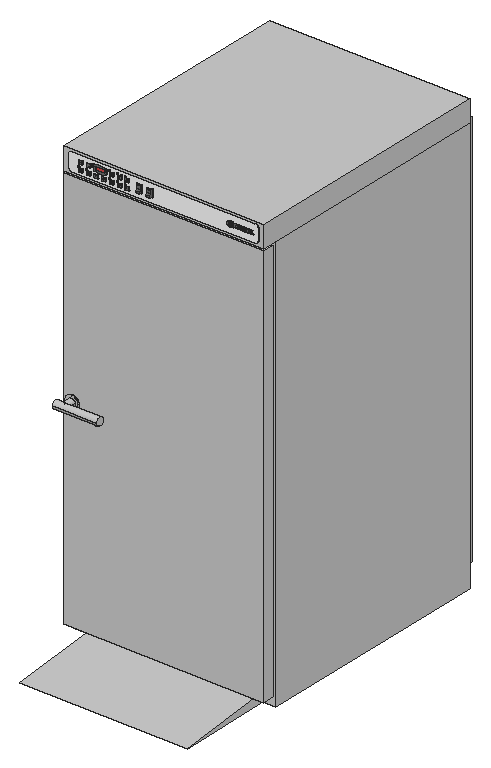
Revit family "QF_GIORIK_GM2021P_GR2021P", category Specialty Equipment, Revit 2014
Parameters (values of type "GR2021P")
  Weight in Pounds = 837.757
  Watts = 22200 W
  Waste Water Discharge Temperature = 0 °C
  Volts = 400 V
  URL Cutsheet = ""
  URL = "www.giorik.com"
  Plumbing Remarks [instance] = ""
  Plumbing Connection Type [instance] = ""
  Indirect Waste Size = 3/4"
  Indirect Waste Flow = 0.0 L/s
  Indirect Waste Connection Type [instance] = ""
  Indirect Waste Connection Height = 46 mm
  Status [instance] = ""
  Specification by User [instance] = ""
  Specification by Manufacturer = ""
  Serial Number = ""
  Seismic Rating = ""
  SMACNA No = ""
  Revision Code [instance] = ""
  Phase = 3
  Number of Poles [instance] = 3
  NAFEM Spec ID Number = ""
  Model = "GR2021P"
  Min Ckt Ampacity = 0 A
  Max Overcurrent Protection = 20 A
  Masterspec = ""
  Manufacturer = "GIORIK"
  Show Logo [instance] = yes
  Show Clearance [instance] = yes
  Item Number [instance] = ""
  Installed By [instance] = ""
  Identify Quantity as Lot [instance] = no
  HP = "0"
  Furnished By [instance] = ""
  Foodservice Equipment Identifier [instance] = yes
  FL Amps = 0 A
  Electrical Remarks [instance] = ""
  Electric Connection Type [instance] = ""
  Elec Conn RI Height [instance] = 0 mm
  Elec Conn Connection Height [instance] = 225 mm
  Description = "HOLDING CABINET-REGENERATOR 20 GN 2/1 - PROGRAMMABLE ELECTRONIC VERSION"
  Cycle = 50 Hz
  Conn Plug = ""
  Conn Conduit [instance] = no
  Cold Water Temperature Recommended = 0 °C
  Cold Water Size = 3/4"
  Cold Water RI Height [instance] = 0 mm
  Cold Water Minimum Pressure [instance] = 150.0 kPa
  Cold Water Maximum Pressure [instance] = 600.0 kPa
  Cold Water Flow [instance] = 0.0 L/s
  Cold Water Consumption [instance] = ""
  Cold Water Connection Height = 145 mm
  CSI MasterFormat = ""
  Assembly Code = "E1090320"
  Apparent Power = 22200 VA
Types (3, lengths in mm): name | Watts | Model | Max Overcurrent Protection | Description | Apparent Power
  (no name) | 22200 W | "GR2021P" | 20 A | "HOLDING CABINET-REGENERATOR 20 GN 2/1 - PROGRAMMABLE ELECTRONIC VERSION" | 22200 VA
  GR2021P | 22200 W | "GR2021P" | 20 A | "HOLDING CABINET-REGENERATOR 20 GN 2/1 - PROGRAMMABLE ELECTRONIC VERSION" | 22200 VA
  GM2021P | 9200 W | "GM2021P" | 16 A | "HOLDING CABINET 20 GN 2/1 - PROGRAMMABLE ELECTRONIC VERSION" | 9200 VA
Reference planes
  plane 1 "Back": y = 0
  plane 2: z = 0
  plane 3 "Left": x = 0
  plane 4 "Right": x = 930
  plane 5 "Front": y = -1270
  plane 6 "Top": z = 2040
  plane 7 "Front oven": y = -1200
Forms (mm)
  Extrusion 1, solid
    sketch origin (0, 0, 0) x (1, 0, 0) y (0, 0, 1)
      loop
        line (0, 0) -> (930, 0) -> (930, 1940) -> (0, 1940) -> (0, 0)
    from 75 to 1200
  Extrusion 2, solid
    sketch origin (0, -1270, 0) x (-1, 0, 0) y (0, 0, 1)
      loop
        line (-930, 1930) -> (-930, 50) -> (0, 50) -> (0, 1930) -> (-930, 1930)
    from 0 to 55
  Extrusion 3, solid, visible <- "Show Clearance", detail levels coarse
    sketch origin (430, -505, 0) x (1, 0, 0) y (0, 1, 0)
      loop
        line (-430, -765) -> (-430, 505) -> (500, 505) -> (500, -765) -> (600, -765) -> (600, 605) -> (-530, 605) -> (-530, -765) -> (-430, -765)
    from 0 to 2040
  Extrusion 4, solid, visible <- "Show Clearance", detail levels coarse
    sketch origin (0, -545, 60) x (0, 1, 0) y (-1, 0, 0)
      loop
        line (-725, -930) -> (-725, 0)
        arc (-725, 0) -> (-1355.977, -249.528) -> (-1619, -875) r 875.202
        line (-1619, -875) -> (-1619, -930) -> (-725, -930)
    from -10 to 1870
  Extrusion 5, solid
    sketch origin (0, -1270, 0) x (-1, 0, 0) y (0, 0, 1)
      loop
        arc (-25, 2015) -> (-29.393, 2025.607) -> (-40, 2030) r 15
        line (-40, 2030) -> (-890, 2030)
        arc (-890, 2030) -> (-900.607, 2025.607) -> (-905, 2015) r 15
        line (-905, 2015) -> (-905, 1965)
        arc (-905, 1965) -> (-900.607, 1954.393) -> (-890, 1950) r 15
        line (-890, 1950) -> (-40, 1950)
        arc (-40, 1950) -> (-29.393, 1954.393) -> (-25, 1965) r 15
        line (-25, 1965) -> (-25, 2015)
    from -0.5 to 2
  Extrusion 6, solid
    sketch origin (930, 163, -54) x (0, -1, 0) y (0, 0, 1)
      loop
        circle (220, 199) r 11
    from 50 to 30
  Extrusion 7, solid, visible <- "Show Logo", detail levels medium+fine
    sketch origin (576.604, -1270, 203.695) x (-1, 0, 0) y (0, 0, 1)
      loop
        line (-214.547, 1793.962) -> (-225.547, 1793.962) -> (-222.754, 1791.618) -> (-222.754, 1781.306) -> (-225.547, 1778.962) -> (-214.547, 1778.962) -> (-217.34, 1781.306) -> (-217.34, 1791.618) -> (-214.547, 1793.962)
      loop
        line (-269.547, 1793.962) -> (-280.547, 1793.962) -> (-277.754, 1791.618) -> (-277.754, 1781.306) -> (-280.547, 1778.962) -> (-269.547, 1778.962) -> (-272.34, 1781.306) -> (-272.34, 1791.618) -> (-269.547, 1793.962)
      loop
        line (-282.547, 1793.962) -> (-293.547, 1793.962) -> (-290.754, 1791.618) -> (-290.754, 1786.706) -> (-297.354, 1792.244) -> (-294.9, 1793.962) -> (-303.294, 1793.962) -> (-299.303, 1792.101) -> (-296.172, 1788.97) -> (-302.777, 1781.098) -> (-305.9, 1779.962) -> (-305.9, 1778.962) -> (-294.9, 1778.962) -> (-296.151, 1780.747) -> (-292.483, 1785.625) -> (-290.754, 1784.818) -> (-290.754, 1781.306) -> (-293.547, 1778.962) -> (-282.547, 1778.962) -> (-285.34, 1781.306) -> (-285.34, 1791.618) -> (-282.547, 1793.962)
      loop
        line (-210.387, 1798.5) -> (-210.387, 1788.865)
        arc (-210.387, 1788.865) -> (-205.719, 1793.282) -> (-199.875, 1795.956) r 19.648
        arc (-199.875, 1795.956) -> (-195.547, 1795.774) -> (-192.114, 1793.131) r 7.168
        arc (-192.114, 1793.131) -> (-190.034, 1786.5) -> (-192.114, 1779.868) r 11.613
        arc (-192.114, 1779.868) -> (-194.434, 1777.581) -> (-197.423, 1776.287) r 8.864
        arc (-197.423, 1776.287) -> (-200.954, 1776.508) -> (-203.801, 1778.608) r 6.26
        line (-203.801, 1778.608) -> (-203.801, 1786.174) -> (-211.26, 1786.174) -> (-211.26, 1778.213) -> (-213.406, 1776.068) -> (-208.753, 1777.314)
        arc (-208.753, 1777.314) -> (-206.873, 1777.533) -> (-205.12, 1776.821) r 3.816
        arc (-205.12, 1776.821) -> (-196.651, 1774.034) -> (-188.183, 1776.821) r 14.26
        arc (-188.183, 1776.821) -> (-183.396, 1786.305) -> (-188.183, 1795.788) r 11.787
        arc (-188.183, 1795.788) -> (-196.838, 1798.637) -> (-205.494, 1795.788) r 14.575
        line (-205.494, 1795.788) -> (-210.387, 1798.5)
      loop
        arc (-227.299, 1791.157) -> (-235.457, 1794.293) -> (-243.615, 1791.157) r 12.178
        arc (-243.615, 1791.157) -> (-245.675, 1786.524) -> (-243.615, 1781.891) r 6.24
        arc (-243.615, 1781.891) -> (-235.457, 1778.755) -> (-227.299, 1781.891) r 12.178
        arc (-227.299, 1781.891) -> (-225.239, 1786.524) -> (-227.299, 1791.157) r 6.24
      loop
        arc (-231.457, 1789.117) -> (-235.457, 1793.117) -> (-239.457, 1789.117) r 4
        line (-239.457, 1789.117) -> (-239.457, 1783.931)
        arc (-239.457, 1783.931) -> (-235.457, 1779.931) -> (-231.457, 1783.931) r 4
        line (-231.457, 1783.931) -> (-231.457, 1789.117)
      loop
        arc (-260.534, 1793.971) -> (-264.557, 1789.947) -> (-260.534, 1785.923) r 4.024
        line (-260.534, 1785.923) -> (-264.412, 1780.423) -> (-267.545, 1778.962) -> (-259.901, 1778.962) -> (-257.062, 1785.05) -> (-253.519, 1785.05) -> (-253.519, 1781.008) -> (-256.441, 1778.962) -> (-245.402, 1778.962) -> (-247.953, 1780.881) -> (-247.953, 1791.677) -> (-245.669, 1793.971) -> (-260.534, 1793.971)
      loop
        line (-253.519, 1792.926) -> (-257.194, 1792.926)
        arc (-257.194, 1792.926) -> (-260.379, 1789.741) -> (-257.194, 1786.556) r 3.185
        line (-257.194, 1786.556) -> (-253.519, 1786.556) -> (-253.519, 1792.926)
    from 0.5 to -1.5
  Extrusion 8, solid, visible <- "Show Logo", detail levels medium+fine
    sketch origin (574.604, -1270, 203.695) x (-1, 0, 0) y (0, 0, 1)
      loop
        line (-193.301, 1786.174) -> (-205.301, 1786.174) -> (-199.301, 1781.174) -> (-193.301, 1786.174)
    from 0.5 to -1.5
  Extrusion 9, solid
    sketch origin (0, 0, 0) x (1, 0, 0) y (0, 0, 1)
      loop
        line (50, 60) -> (880, 60) -> (880, 1915) -> (50, 1915) -> (50, 60)
    from 0 to 75
  Extrusion 10, solid
    sketch origin (0, 0, 0) x (1, 0, 0) y (0, 0, 1)
      loop
        line (0, 2040) -> (0, 1940) -> (930, 1940) -> (930, 2040) -> (0, 2040)
    from 75 to 1270
  Extrusion 11, solid
    sketch origin (-118.5, -961, -448) x (0, 1, 0) y (0, 0, 1)
      loop
        line (894.124, 687.794) -> (886.25, 674.156) -> (886.25, 671.844) -> (894.124, 658.206) -> (896.126, 657.05) -> (911.874, 657.05) -> (913.876, 658.206) -> (921.75, 671.844) -> (921.75, 674.156) -> (913.876, 687.794) -> (911.874, 688.95) -> (896.126, 688.95) -> (894.124, 687.794)
    from 144.771 to 152.771
  Extrusion 12, solid
    sketch origin (-118.5, -961, -448) x (0, 1, 0) y (0, 0, 1)
      loop
        line (894.124, 687.794) -> (886.25, 674.156) -> (886.25, 671.844) -> (894.124, 658.206) -> (896.126, 657.05) -> (911.874, 657.05) -> (913.876, 658.206) -> (921.75, 671.844) -> (921.75, 674.156) -> (913.876, 687.794) -> (911.874, 688.95) -> (896.126, 688.95) -> (894.124, 687.794)
    from 160.771 to 152.771
  Extrusion 13, solid
    sketch origin (-118.5, -961, -448) x (0, 1, 0) y (0, 0, 1)
      loop
        line (894.124, 687.794) -> (886.25, 674.156) -> (886.25, 671.844) -> (894.124, 658.206) -> (896.126, 657.05) -> (911.874, 657.05) -> (913.876, 658.206) -> (921.75, 671.844) -> (921.75, 674.156) -> (913.876, 687.794) -> (911.874, 688.95) -> (896.126, 688.95) -> (894.124, 687.794)
    from 168.5 to 160.771
  Sweep 14, solid
    path origin (0, 0, 0) x (0, 1, 0) y (0, 0, 1)
      loop
        line (-79.938, 1984.218) -> (-60.185, 1987.347)
    profile origin (0, -70.062, 1985.782) x (0, -0.156434, 0.987688) y (1, 0, 0)
      loop
        circle (0, 160) r 25
  Extrusion 15, solid
    sketch origin (0, -1270, 0) x (-1, 0, 0) y (0, 0, 1)
      loop
        line (-71, 1995.5) -> (-71, 2009.5)
        arc (-71, 2009.5) -> (-71.586, 2010.914) -> (-73, 2011.5) r 2
        line (-73, 2011.5) -> (-87, 2011.5)
        arc (-87, 2011.5) -> (-88.414, 2010.914) -> (-89, 2009.5) r 2
        line (-89, 2009.5) -> (-89, 1995.5)
        arc (-89, 1995.5) -> (-88.414, 1994.086) -> (-87, 1993.5) r 2
        line (-87, 1993.5) -> (-73, 1993.5)
        arc (-73, 1993.5) -> (-71.586, 1994.086) -> (-71, 1995.5) r 2
      loop
        arc (-71, 1977) -> (-71.586, 1978.414) -> (-73, 1979) r 2
        line (-73, 1979) -> (-87, 1979)
        arc (-87, 1979) -> (-88.414, 1978.414) -> (-89, 1977) r 2
        line (-89, 1977) -> (-89, 1963)
        arc (-89, 1963) -> (-88.414, 1961.586) -> (-87, 1961) r 2
        line (-87, 1961) -> (-73, 1961)
        arc (-73, 1961) -> (-71.586, 1961.586) -> (-71, 1963) r 2
        line (-71, 1963) -> (-71, 1977)
      loop
        line (-85.824, 2001.942) -> (-85.824, 1998.598) -> (-77.871, 1998.598) -> (-77.871, 1997.344) -> (-75.064, 1999.098) -> (-77.871, 2000.852) -> (-77.871, 1999.598) -> (-84.824, 1999.598) -> (-84.824, 2001.942) -> (-85.824, 2001.942)
      loop
        arc (-86.5, 1978) -> (-87.561, 1977.561) -> (-88, 1976.5) r 1.5
        line (-88, 1976.5) -> (-88, 1963.5)
        arc (-88, 1963.5) -> (-87.561, 1962.439) -> (-86.5, 1962) r 1.5
        line (-86.5, 1962) -> (-73.5, 1962)
        arc (-73.5, 1962) -> (-72.439, 1962.439) -> (-72, 1963.5) r 1.5
        line (-72, 1963.5) -> (-72, 1976.5)
        arc (-72, 1976.5) -> (-72.439, 1977.561) -> (-73.5, 1978) r 1.5
        line (-73.5, 1978) -> (-86.5, 1978)
      loop
        line (-79.5, 1976) -> (-80.5, 1976) -> (-80.5, 1970) -> (-79.5, 1970) -> (-79.5, 1976)
      loop
        arc (-78.987, 1975.406) -> (-80, 1964.5) -> (-81.013, 1975.406) r 5.5
        line (-81.013, 1975.406) -> (-81.013, 1974.385)
        arc (-81.013, 1974.385) -> (-80, 1965.5) -> (-78.987, 1974.385) r 4.5
        line (-78.987, 1974.385) -> (-78.987, 1975.406)
      loop
        line (-75.022, 2007) -> (-84.978, 2007) -> (-84.978, 2004.886) -> (-75.022, 2004.886) -> (-75.022, 2007)
      loop
        line (-107, 1995.5) -> (-107, 2009.5)
        arc (-107, 2009.5) -> (-107.586, 2010.914) -> (-109, 2011.5) r 2
        line (-109, 2011.5) -> (-123, 2011.5)
        arc (-123, 2011.5) -> (-124.414, 2010.914) -> (-125, 2009.5) r 2
        line (-125, 2009.5) -> (-125, 1995.5)
        arc (-125, 1995.5) -> (-124.414, 1994.086) -> (-123, 1993.5) r 2
        line (-123, 1993.5) -> (-109, 1993.5)
        arc (-109, 1993.5) -> (-107.586, 1994.086) -> (-107, 1995.5) r 2
      loop
        circle (-111.46, 2007) r 1.5
      loop
        circle (-120.54, 1998) r 1.5
      loop
        arc (-107, 1977) -> (-107.586, 1978.414) -> (-109, 1979) r 2
        line (-109, 1979) -> (-123, 1979)
        arc (-123, 1979) -> (-124.414, 1978.414) -> (-125, 1977) r 2
        line (-125, 1977) -> (-125, 1963)
        arc (-125, 1963) -> (-124.414, 1961.586) -> (-123, 1961) r 2
        line (-123, 1961) -> (-109, 1961)
        arc (-109, 1961) -> (-107.586, 1961.586) -> (-107, 1963) r 2
        line (-107, 1963) -> (-107, 1977)
      loop
        arc (-110.035, 1972.254) -> (-112.14, 1973.328) -> (-114.387, 1972.599) r 3.087
        arc (-114.387, 1972.599) -> (-116.352, 1974.804) -> (-119.278, 1975.2) r 4.257
        line (-119.278, 1975.2) -> (-121.9, 1969.311)
        arc (-121.9, 1969.311) -> (-118.973, 1968.915) -> (-117.009, 1966.711) r 4.257
        arc (-117.009, 1966.711) -> (-114.761, 1967.439) -> (-112.657, 1966.365) r 3.087
        line (-112.657, 1966.365) -> (-110.035, 1972.254)
      loop
        arc (-111.244, 1971.998) -> (-112.518, 1972.333) -> (-113.738, 1971.838) r 2.087
        line (-113.738, 1971.838) -> (-115.318, 1972.234)
        arc (-115.318, 1972.234) -> (-116.614, 1973.801) -> (-118.587, 1974.293) r 3.257
        line (-118.587, 1974.293) -> (-120.332, 1970.374)
        arc (-120.332, 1970.374) -> (-118.235, 1969.644) -> (-116.626, 1968.114) r 5.257
        arc (-116.626, 1968.114) -> (-114.817, 1968.444) -> (-113.047, 1967.949) r 4.087
        line (-113.047, 1967.949) -> (-111.244, 1971.998)
      loop
        arc (-143, 1977) -> (-143.586, 1978.414) -> (-145, 1979) r 2
        line (-145, 1979) -> (-159, 1979)
        arc (-159, 1979) -> (-160.414, 1978.414) -> (-161, 1977) r 2
        line (-161, 1977) -> (-161, 1963)
        arc (-161, 1963) -> (-160.414, 1961.586) -> (-159, 1961) r 2
        line (-159, 1961) -> (-145, 1961)
        arc (-145, 1961) -> (-143.586, 1961.586) -> (-143, 1963) r 2
        line (-143, 1963) -> (-143, 1977)
      loop
        arc (-179, 1977) -> (-179.586, 1978.414) -> (-181, 1979) r 2
        line (-181, 1979) -> (-195, 1979)
        arc (-195, 1979) -> (-196.414, 1978.414) -> (-197, 1977) r 2
        line (-197, 1977) -> (-197, 1963)
        arc (-197, 1963) -> (-196.414, 1961.586) -> (-195, 1961) r 2
        line (-195, 1961) -> (-181, 1961)
        arc (-181, 1961) -> (-179.586, 1961.586) -> (-179, 1963) r 2
        line (-179, 1963) -> (-179, 1977)
      loop
        line (-149.5, 1969.25) -> (-149.5, 1970.75) -> (-154.5, 1970.75) -> (-154.5, 1969.25) -> (-149.5, 1969.25)
      loop
        line (-185, 1969.25) -> (-185, 1970.75) -> (-187.25, 1970.75) -> (-187.25, 1972.992) -> (-188.75, 1972.992) -> (-188.75, 1970.75) -> (-191, 1970.75) -> (-191, 1969.25) -> (-188.75, 1969.25) -> (-188.75, 1967) -> (-187.25, 1967) -> (-187.25, 1969.25) -> (-185, 1969.25)
      loop
        arc (-215, 1977) -> (-215.586, 1978.414) -> (-217, 1979) r 2
        line (-217, 1979) -> (-231, 1979)
        arc (-231, 1979) -> (-232.414, 1978.414) -> (-233, 1977) r 2
        line (-233, 1977) -> (-233, 1963)
        arc (-233, 1963) -> (-232.414, 1961.586) -> (-231, 1961) r 2
        line (-231, 1961) -> (-217, 1961)
        arc (-217, 1961) -> (-215.586, 1961.586) -> (-215, 1963) r 2
        line (-215, 1963) -> (-215, 1977)
      loop
        arc (-215, 2009.5) -> (-215.586, 2010.914) -> (-217, 2011.5) r 2
        line (-217, 2011.5) -> (-231, 2011.5)
        arc (-231, 2011.5) -> (-232.414, 2010.914) -> (-233, 2009.5) r 2
        line (-233, 2009.5) -> (-233, 1995.5)
        arc (-233, 1995.5) -> (-232.414, 1994.086) -> (-231, 1993.5) r 2
        line (-231, 1993.5) -> (-217, 1993.5)
        arc (-217, 1993.5) -> (-215.586, 1994.086) -> (-215, 1995.5) r 2
        line (-215, 1995.5) -> (-215, 2009.5)
      loop
        circle (-224, 1970) r 6
      loop
        line (-221.142, 1971.959) -> (-223.931, 1970.283) -> (-227.005, 1972.956) -> (-227.557, 1972.321) -> (-224.689, 1969.828) -> (-225.876, 1969.114) -> (-225.443, 1968.393) -> (-224.021, 1969.247) -> (-223.106, 1968.451) -> (-222.554, 1969.086) -> (-223.263, 1969.703) -> (-220.708, 1971.238) -> (-221.142, 1971.959)
      loop
        line (-224, 2008.571) -> (-227.538, 2001.867)
        arc (-227.538, 2001.867) -> (-224, 1996) -> (-220.462, 2001.867) r 4
        line (-220.462, 2001.867) -> (-224, 2008.571)
      loop
        circle (-224, 1970) r 5.3
      loop
        arc (-251, 1977) -> (-251.586, 1978.414) -> (-253, 1979) r 2
        line (-253, 1979) -> (-267, 1979)
        arc (-267, 1979) -> (-268.414, 1978.414) -> (-269, 1977) r 2
        line (-269, 1977) -> (-269, 1963)
        arc (-269, 1963) -> (-268.414, 1961.586) -> (-267, 1961) r 2
        line (-267, 1961) -> (-253, 1961)
        arc (-253, 1961) -> (-251.586, 1961.586) -> (-251, 1963) r 2
        line (-251, 1963) -> (-251, 1977)
      loop
        arc (-251, 2009.5) -> (-251.586, 2010.914) -> (-253, 2011.5) r 2
        line (-253, 2011.5) -> (-267, 2011.5)
        arc (-267, 2011.5) -> (-268.414, 2010.914) -> (-269, 2009.5) r 2
        line (-269, 2009.5) -> (-269, 1995.5)
        arc (-269, 1995.5) -> (-268.414, 1994.086) -> (-267, 1993.5) r 2
        line (-267, 1993.5) -> (-253, 1993.5)
        arc (-253, 1993.5) -> (-251.586, 1994.086) -> (-251, 1995.5) r 2
        line (-251, 1995.5) -> (-251, 2009.5)
      loop
        arc (-287, 1977) -> (-287.586, 1978.414) -> (-289, 1979) r 2
        line (-289, 1979) -> (-303, 1979)
        arc (-303, 1979) -> (-304.414, 1978.414) -> (-305, 1977) r 2
        line (-305, 1977) -> (-305, 1963)
        arc (-305, 1963) -> (-304.414, 1961.586) -> (-303, 1961) r 2
        line (-303, 1961) -> (-289, 1961)
        arc (-289, 1961) -> (-287.586, 1961.586) -> (-287, 1963) r 2
        line (-287, 1963) -> (-287, 1977)
      loop
        arc (-287, 2009.5) -> (-287.586, 2010.914) -> (-289, 2011.5) r 2
        line (-289, 2011.5) -> (-303, 2011.5)
        arc (-303, 2011.5) -> (-304.414, 2010.914) -> (-305, 2009.5) r 2
        line (-305, 2009.5) -> (-305, 1995.5)
        arc (-305, 1995.5) -> (-304.414, 1994.086) -> (-303, 1993.5) r 2
        line (-303, 1993.5) -> (-289, 1993.5)
        arc (-289, 1993.5) -> (-287.586, 1994.086) -> (-287, 1995.5) r 2
        line (-287, 1995.5) -> (-287, 2009.5)
      loop
        arc (-261.2, 2000.693) -> (-260, 1996) -> (-258.8, 2000.693) r 2.5
        line (-258.8, 2000.693) -> (-258.8, 2006.5)
        arc (-258.8, 2006.5) -> (-260, 2007.7) -> (-261.2, 2006.5) r 1.2
        line (-261.2, 2006.5) -> (-261.2, 2000.693)
      loop
        line (-290.732, 1970.416) -> (-301.526, 1970.416) -> (-301.526, 1969.324) -> (-290.732, 1969.324) -> (-290.732, 1970.416)
      loop
        line (-291.659, 1974.456) -> (-300.665, 1974.456) -> (-300.665, 1971.807) -> (-291.659, 1971.807) -> (-291.659, 1974.456)
      loop
        line (-291.659, 1965.544) -> (-291.659, 1968.193) -> (-300.665, 1968.193) -> (-300.665, 1965.544) -> (-291.659, 1965.544)
      loop
        line (-289.807, 1999.232) -> (-293.938, 2003.364)
        arc (-293.938, 2003.364) -> (-295.275, 2006.228) -> (-298.297, 2007.153) r 3.889
        line (-298.297, 2007.153) -> (-300.752, 2007.153)
        arc (-300.752, 2007.153) -> (-302.253, 2005.652) -> (-300.752, 2004.151) r 1.501
        line (-300.752, 2004.151) -> (-299.094, 2004.151)
        arc (-299.094, 2004.151) -> (-297.433, 2002.545) -> (-295.157, 2002.145) r 3.942
        line (-295.157, 2002.145) -> (-291.025, 1998.014)
        arc (-291.025, 1998.014) -> (-289.807, 1998.014) -> (-289.807, 1999.232) r 0.862
      loop
        line (-258.293, 1974.504) -> (-264.651, 1974.504) -> (-264.207, 1972.845) -> (-261.896, 1972.845) -> (-260.614, 1966.251) -> (-259.114, 1966.251) -> (-254.614, 1966.251) -> (-257.653, 1972.118) -> (-259.579, 1968.644) -> (-260.396, 1972.845) -> (-257.848, 1972.845) -> (-258.293, 1974.504)
      loop
        line (-255.765, 1966.951) -> (-257.674, 1970.637) -> (-259.427, 1967.862) -> (-259.25, 1966.951) -> (-255.765, 1966.951)
      loop
        arc (-141, 2012.202) -> (-141.629, 2014.039) -> (-143.251, 2015.107) r 3
        arc (-143.251, 2015.107) -> (-170, 2018.5) -> (-196.749, 2015.107) r 107.125
        arc (-196.749, 2015.107) -> (-198.371, 2014.039) -> (-199, 2012.202) r 3
        line (-199, 2012.202) -> (-199, 1992.798)
        arc (-199, 1992.798) -> (-198.371, 1990.961) -> (-196.749, 1989.893) r 3
        arc (-196.749, 1989.893) -> (-170, 1986.5) -> (-143.251, 1989.893) r 107.125
        arc (-143.251, 1989.893) -> (-141.629, 1990.961) -> (-141, 1992.798) r 3
        line (-141, 1992.798) -> (-141, 2012.202)
      loop
        line (-150, 1995.5) -> (-150, 2009.5) -> (-190, 2009.5) -> (-190, 1995.5) -> (-150, 1995.5)
    from 0.5 to -1.5
  Extrusion 16, solid
    sketch origin (490, -1270, 0) x (1, 0, 0) y (0, 0, -1)
      loop
        line (-125, -1972.5) -> (-150, -1972.5) -> (-150, -2007.5) -> (-125, -2007.5) -> (-125, -1972.5)
    from 0 to -3
  Extrusion 17, solid
    sketch origin (490, -524, 0) x (0, 1, 0) y (0, 0, -1)
      loop
        line (-749, -2004.5) -> (-749, -1975.5) -> (-756.622, -1975.5)
        arc (-756.622, -1975.5) -> (-758.309, -1976.425) -> (-758.435, -1978.345) r 2
        line (-758.435, -1978.345) -> (-753, -1990) -> (-753, -2004.5) -> (-749, -2004.5)
    from 128 to 147
  Extrusion 18, solid
    sketch origin (-2, -1270, 0) x (-1, 0, 0) y (0, 0, 1)
      loop
        circle (-72.5, 1982) r 2
      loop
        circle (-108.5, 1982) r 2
      loop
        circle (-216.5, 1982) r 2
      loop
        circle (-252.5, 1982) r 2
      loop
        circle (-288.5, 1982) r 2
      loop
        circle (-216.5, 2014.5) r 2
      loop
        circle (-252.5, 2014.5) r 2
      loop
        circle (-288.5, 2014.5) r 2
      loop
        circle (-139.5, 2014.5) r 2
      loop
        circle (-139.5, 2004.5) r 2
      loop
        line (-152, 2009.5) -> (-192, 2009.5) -> (-192, 1995.5) -> (-152, 1995.5) -> (-152, 2009.5)
      loop
        circle (-271.5, 2014.5) r 2
    from 0.5 to -1.5
  Extrusion 19, solid, not visible
    sketch origin (490, -1270, 0) x (1, 0, 0) y (0, 0, -1)
      loop
        line (-125, -1972.5) -> (-150, -1972.5) -> (-150, -2007.5) -> (-125, -2007.5) -> (-125, -1972.5)
    from 0 to -3
  Extrusion 20, solid, not visible
    sketch origin (490, -524, 0) x (0, 1, 0) y (0, 0, -1)
      loop
        line (-749, -2004.5) -> (-749, -1975.5) -> (-756.622, -1975.5)
        arc (-756.622, -1975.5) -> (-758.309, -1976.425) -> (-758.435, -1978.345) r 2
        line (-758.435, -1978.345) -> (-753, -1990) -> (-753, -2004.5) -> (-749, -2004.5)
    from 128 to 147
  Extrusion 21, solid
    sketch origin (0, -1270, 0) x (-1, 0, 0) y (0, 0, 1)
      loop
        circle (-40, 990) r 30
    from 0 to -5
  Extrusion 22, solid
    sketch origin (0, -150, 0) x (0, 1, 0) y (0, 0, 1)
      loop
        circle (-1172.5, 990) r 17.5
    from 210 to 5
  Extrusion 23, solid
    sketch origin (0, -1270, 0) x (-1, 0, 0) y (0, 0, 1)
      loop
        circle (-40, 990) r 16
    from -5 to -52.5
  Extrusion 24, solid
    sketch origin (0, -150, 0) x (0, 1, 0) y (0, 0, 1)
      loop
        line (-1050, 0) -> (-1050, 42.078) -> (-1487, 0) -> (-1050, 0)
    from 90 to 870
  Extrusion 25, solid
    sketch origin (540, -1270, 0) x (1, 0, 0) y (0, 0, -1)
      loop
        line (-125, -1972.5) -> (-150, -1972.5) -> (-150, -2007.5) -> (-125, -2007.5) -> (-125, -1972.5)
    from 0 to -3
  Extrusion 26, solid
    sketch origin (540, -524, 0) x (0, 1, 0) y (0, 0, -1)
      loop
        line (-749, -2004.5) -> (-749, -1975.5) -> (-756.622, -1975.5)
        arc (-756.622, -1975.5) -> (-758.309, -1976.425) -> (-758.435, -1978.345) r 2
        line (-758.435, -1978.345) -> (-753, -1990) -> (-753, -2004.5) -> (-749, -2004.5)
    from 128 to 147
  Extrusion 27, solid, not visible
    sketch origin (540, -1270, 0) x (1, 0, 0) y (0, 0, -1)
      loop
        line (-125, -1972.5) -> (-150, -1972.5) -> (-150, -2007.5) -> (-125, -2007.5) -> (-125, -1972.5)
    from 0 to -3
  Extrusion 28, solid, not visible
    sketch origin (540, -524, 0) x (0, 1, 0) y (0, 0, -1)
      loop
        line (-749, -2004.5) -> (-749, -1975.5) -> (-756.622, -1975.5)
        arc (-756.622, -1975.5) -> (-758.309, -1976.425) -> (-758.435, -1978.345) r 2
        line (-758.435, -1978.345) -> (-753, -1990) -> (-753, -2004.5) -> (-749, -2004.5)
    from 128 to 147
Lines and regions (mm)
  symbolic lines, style "QF_Clearances", visible <- "Show Clearance", detail levels coarse
    curve 1: line (-100, -1120, 1115) -> (-100, 100, 1115)
    curve 2: line (-100, 100, 1115) -> (1030, 100, 1115)
    curve 3: line (1030, 100, 1115) -> (1030, -1120, 1115)
  symbolic lines, style "200-EquipBorder-2D"
    curve 4: line (0, -75, 0) -> (930, -75, 0)
    curve 5: line (930, -75, 0) -> (930, -1270, 0)
    curve 6: line (0, -75, 0) -> (0, -1270, 0)
    curve 7: line (0, -1270, 0) -> (930, -1270, 0)
    curve 10: line (50, -74.75, 60) -> (50, 0, 60)
    curve 11: line (50, 0, 60) -> (880, 0, 60)
    curve 12: line (880, 0, 60) -> (880, -75, 60)
    curve 13: line (26.271, -39.25, 60) -> (26.271, -74.75, 60)
    curve 14: line (26.271, -74.75, 60) -> (50, -74.75, 60)
    curve 15: line (26.271, -39.25, 60) -> (50, -39.25, 60)
    curve 16: line (900, -46, 60) -> (880, -46, 60)
    curve 17: line (900, -46, 60) -> (900, -68, 60)
    curve 18: line (900, -68, 60) -> (880, -68, 60)
    curve 19: line (185, -60.185, 60) -> (185, -75, 60)
    curve 20: line (135, -60.185, 60) -> (135, -75, 60)
    curve 21: spline (160, -56.274, 60) -> (157.243, -56.298, 60) -> (154.52, -56.369, 60) -> (151.864, -56.487, 60) -> (149.307, -56.65, 60) -> (146.881, -56.856, 60) -> (144.614, -57.102, 60) -> (142.535, -57.386, 60) -> (140.669, -57.705, 60) -> (139.039, -58.053, 60) -> (137.665, -58.428, 60) -> (136.562, -58.824, 60) -> (135.746, -59.236, 60)
    curve 22: spline (160, -64.096, 60) -> (164.159, -64.041, 60) -> (168.203, -63.879, 60) -> (172.018, -63.614, 60) -> (175.497, -63.253, 60) -> (178.545, -62.807, 60) -> (181.076, -62.288, 60) -> (183.019, -61.71, 60) -> (184.321, -61.09, 60) -> (184.945, -60.444, 60) -> (184.873, -59.791, 60) -> (184.108, -59.15, 60) -> (182.671, -58.536, 60)
    curve 23: spline (135.746, -59.236, 60) -> (135.109, -59.819, 60) -> (135.042, -60.41, 60) -> (135.544, -60.996, 60) -> (136.605, -61.564, 60) -> (138.201, -62.099, 60) -> (140.295, -62.592, 60) -> (142.84, -63.029, 60) -> (145.776, -63.401, 60) -> (149.037, -63.699, 60) -> (152.549, -63.918, 60) -> (156.232, -64.051, 60) -> (160, -64.096, 60)
    curve 24: spline (182.671, -58.536, 60) -> (181.574, -58.209, 60) -> (180.284, -57.899, 60) -> (178.812, -57.609, 60) -> (177.172, -57.342, 60) -> (175.378, -57.101, 60) -> (173.446, -56.888, 60) -> (171.394, -56.704, 60) -> (169.24, -56.551, 60) -> (167.004, -56.43, 60) -> (164.704, -56.344, 60) -> (162.363, -56.291, 60) -> (160, -56.274, 60)
    curve 25: line (90, -1637, 60) -> (870, -1637, 60)
    curve 26: line (870, -1637, 60) -> (870, -1270, 60)
    curve 27: line (90, -1637, 60) -> (90, -1340, 60)
    curve 29: line (210, -1340, 60) -> (5, -1340, 60)
    curve 30: line (5, -1340, 60) -> (5, -1305, 60)
    curve 31: line (5, -1305, 60) -> (210, -1305, 60)
    curve 32: line (210, -1305, 60) -> (210, -1340, 60)
    curve 33: line (24, -1275, 60) -> (24, -1305, 60)
    curve 34: line (56, -1275, 60) -> (56, -1305, 60)
    curve 35: line (10, -1275, 60) -> (70, -1275, 60)
    curve 36: line (70, -1275, 60) -> (70, -1270, 60)
    curve 37: line (10, -1275, 60) -> (10, -1270, 60)
    curve 38: line (90, -1305, 60) -> (90, -1270, 60)
    curve 39: line (340, -1273, 60) -> (340, -1270, 60)
    curve 40: line (340, -1273, 60) -> (365, -1273, 60)
    curve 41: line (365, -1273, 60) -> (365, -1270, 60)
    curve 42: line (343, -1282.622, 60) -> (343, -1273, 60)
    curve 43: line (362, -1282.622, 60) -> (362, -1273, 60)
    curve 44: line (343, -1282.622, 60) -> (362, -1282.622, 60)
    curve 45: line (390, -1273, 60) -> (390, -1270, 60)
    curve 46: line (390, -1273, 60) -> (415, -1273, 60)
    curve 47: line (415, -1273, 60) -> (415, -1270, 60)
    curve 48: line (393, -1282.622, 60) -> (393, -1273, 60)
    curve 49: line (412, -1282.622, 60) -> (412, -1273, 60)
    curve 50: line (393, -1282.622, 60) -> (412, -1282.622, 60)
  symbolic lines, style "QF_Door-Drawer Clearances", visible <- "Show Clearance", detail levels coarse
    curve 8: line (930, -1270, 0) -> (930, -2164, 0)
    curve 9: line (930, -2164, 0) -> (875, -2164, 0)
    curve 28: arc (0, -1270, 60) -> (249.528, -1900.977, 60) -> (875, -2164, 60) r 875.202
Dimensions and locks
  plane 3 "Left" to plane 4 "Right" = 930 mm
  plane 5 "Front" to plane 1 "Back" = 1270 mm
  locked: plane 7 "Front oven" to plane 5 "Front" at 70
  plane 6 "Top" to plane 2 = 2040 mm
  aligned and locked: level to plane 2
  aligned and locked: plane 6 "Top" to Extrusion 3
  aligned and locked: Extrusion 1 to plane 7 "Front oven"
  aligned and locked: Extrusion 10 to plane 5 "Front"
  aligned and locked: Extrusion 3 sketch curve to plane 5 "Front"  (x2)
Connectors
  electrical at (26.271, -57, 225), driven by "Number of Poles", driven by "Volts", driven by "Apparent Power"
    settings: on Extrusion 11, index 5, voltage 400 V, apparent load 0 VA, apparent load phase1 22200 VA, apparent load phase2 0 VA, apparent load phase3 0 VA, power factor 1, load classification "Other", number of poles 3, system type 31, power factor state 1, is connector primary yes, connector utility no, sub classification motor no, connector description "Electrical connection"
  piping at (900, -57, 145), diameter 19.05, driven by "Cold Water Size"
    settings: on Extrusion 6, index 6, connector inside diameter 24", connector length 0 mm, flow factor 0, pipe flow 0.0 L/s, pressure drop 0.0 kPa, fitting loss kfactor 0, connector angle 0.00°, fixture units 0, engagement length 0 mm, angle of deflection 0.00°, flow configuration 1, flow direction 1, fitting loss method 0, system type 20, joint type 0, gender type 0, connector reference index -1, connector utility 0, adjustable connector no, is connector primary yes, connector description "Cold water inlet"
